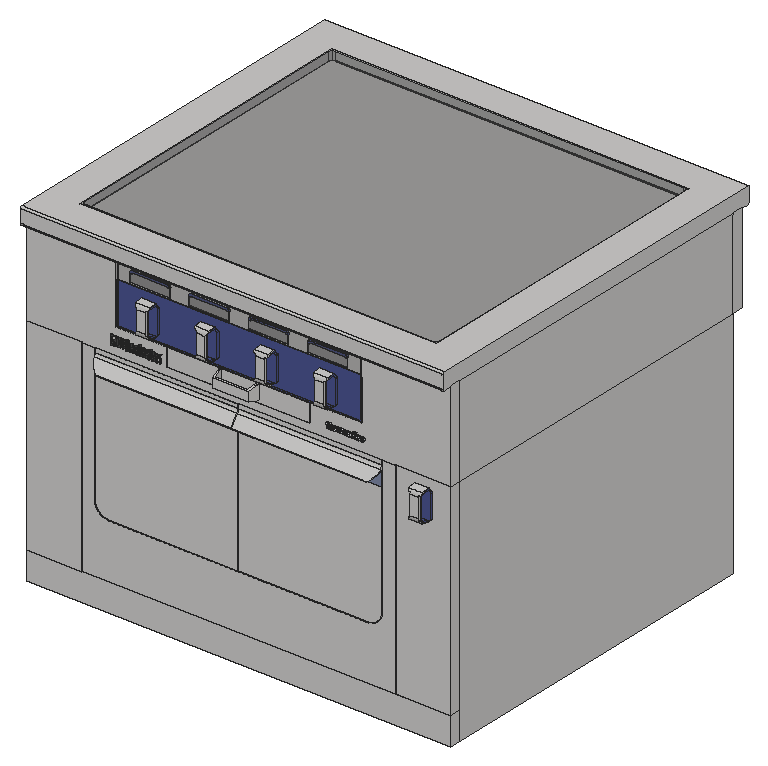
Revit family "QF_ELECTROLUXPROFESSIONAL_589709_MCTHFAJ4AO", category Attrezzature speciali, Revit 2020 (continued)
Definition of nested family "Front_Panel_W1000_Four Knobs"
  Definition of nested family "ELX_Professional_Logo_Small"
    Forms (mm)
      Extrusion 2, solid, material <- "Material_Logo"
        sketch origin (15.5, 0, 0) x (1, 0, 0) y (0, 1, 0)
          loop
            line (40.457, -0.243) -> (38.894, 1.942) -> (40.83, 4.579) -> (42.488, 6.837) -> (39.782, 6.837) -> (37.53, 3.719) -> (35.258, 6.837) -> (32.573, 6.837) -> (34.113, 4.731) -> (36.167, 1.922) -> (34.014, -1.076) -> (32.222, -3.573) -> (34.887, -3.573) -> (37.53, 0.104) -> (40.174, -3.573) -> (42.839, -3.573) -> (40.457, -0.243)
          loop
            line (-46.121, -5.837) -> (-48.039, -5.837) -> (-48.039, -10.814) -> (-47.016, -10.814) -> (-47.016, -9.128) -> (-46.121, -9.128)
            arc (-46.121, -9.128) -> (-44.476, -7.482) -> (-46.121, -5.837) r 1.645
          loop
            line (-46.163, -6.778) -> (-47.016, -6.778) -> (-47.016, -8.187) -> (-46.163, -8.187)
            arc (-46.163, -8.187) -> (-45.458, -7.482) -> (-46.163, -6.778) r 0.704
          loop
            line (-38.313, -5.837) -> (-40.265, -5.837) -> (-40.265, -10.814) -> (-39.241, -10.814) -> (-39.241, -9.1) -> (-38.46, -9.182) -> (-37.48, -10.814) -> (-36.318, -10.814) -> (-37.513, -8.848)
            arc (-37.513, -8.848) -> (-36.888, -8.266) -> (-36.671, -7.441) r 1.536
            arc (-36.671, -7.441) -> (-37.165, -6.305) -> (-38.313, -5.837) r 1.643
          loop
            arc (-38.402, -8.166) -> (-37.707, -7.505) -> (-38.334, -6.778) r 0.696
            line (-38.334, -6.778) -> (-39.241, -6.778) -> (-39.241, -8.166) -> (-38.402, -8.166)
          loop
            circle (-29.965, -8.325) r 2.585
          loop
            circle (-29.965, -8.325) r 1.64
          loop
            line (-23.1, -5.837) -> (-23.1, -10.814) -> (-22.076, -10.814) -> (-22.076, -8.768) -> (-20.204, -8.768) -> (-20.204, -7.828) -> (-22.076, -7.828) -> (-22.076, -6.778) -> (-20.024, -6.778) -> (-20.024, -5.837) -> (-23.1, -5.837)
          loop
            line (-15.802, -5.837) -> (-15.802, -9.2)
            arc (-15.802, -9.2) -> (-15.343, -10.34) -> (-14.209, -10.814) r 1.593
            line (-14.209, -10.814) -> (-12.602, -10.814) -> (-12.602, -10.027) -> (-14.004, -10.027)
            arc (-14.004, -10.027) -> (-14.552, -9.8) -> (-14.779, -9.252) r 0.775
            line (-14.779, -9.252) -> (-14.779, -8.424) -> (-12.789, -8.424) -> (-12.789, -7.642) -> (-14.779, -7.642) -> (-14.779, -6.778) -> (-12.651, -6.778) -> (-12.651, -5.837) -> (-15.802, -5.837)
          loop
            line (-5.909, -7.143) -> (-5.173, -6.638)
            arc (-5.173, -6.638) -> (-5.855, -5.974) -> (-6.781, -5.755) r 1.782
            arc (-6.781, -5.755) -> (-7.397, -5.878) -> (-7.944, -6.189) r 1.974
            arc (-7.944, -6.189) -> (-8.202, -6.5) -> (-8.317, -6.888) r 1.013
            arc (-8.317, -6.888) -> (-8.306, -7.341) -> (-8.192, -7.78) r 1.985
            arc (-8.192, -7.78) -> (-7.749, -8.259) -> (-7.171, -8.563) r 1.928
            arc (-7.171, -8.563) -> (-6.637, -8.779) -> (-6.131, -9.056) r 5.041
            arc (-6.131, -9.056) -> (-5.934, -9.387) -> (-6.09, -9.74) r 0.42
            arc (-6.09, -9.74) -> (-6.631, -9.96) -> (-7.204, -9.845) r 1.016
            arc (-7.204, -9.845) -> (-7.625, -9.603) -> (-7.889, -9.196) r 1.033
            line (-7.889, -9.196) -> (-8.67, -9.686)
            arc (-8.67, -9.686) -> (-8.361, -10.198) -> (-7.908, -10.589) r 1.914
            arc (-7.908, -10.589) -> (-7.334, -10.834) -> (-6.714, -10.896) r 2.063
            arc (-6.714, -10.896) -> (-5.947, -10.743) -> (-5.256, -10.376) r 2.696
            arc (-5.256, -10.376) -> (-4.95, -9.565) -> (-5.108, -8.712) r 1.618
            arc (-5.108, -8.712) -> (-5.448, -8.319) -> (-5.884, -8.035) r 1.876
            arc (-5.884, -8.035) -> (-6.434, -7.789) -> (-6.999, -7.577) r 9.883
            arc (-6.999, -7.577) -> (-7.325, -7.07) -> (-6.854, -6.694) r 0.45
            arc (-6.854, -6.694) -> (-6.329, -6.809) -> (-5.909, -7.143) r 1.197
          loop
            line (1.61, -7.143) -> (2.345, -6.638)
            arc (2.345, -6.638) -> (1.663, -5.974) -> (0.737, -5.755) r 1.782
            arc (0.737, -5.755) -> (0.121, -5.878) -> (-0.425, -6.189) r 1.974
            arc (-0.425, -6.189) -> (-0.683, -6.5) -> (-0.799, -6.888) r 1.013
            arc (-0.799, -6.888) -> (-0.788, -7.341) -> (-0.674, -7.78) r 1.985
            arc (-0.674, -7.78) -> (-0.231, -8.259) -> (0.347, -8.563) r 1.928
            arc (0.347, -8.563) -> (0.881, -8.779) -> (1.387, -9.056) r 5.041
            arc (1.387, -9.056) -> (1.584, -9.387) -> (1.428, -9.74) r 0.42
            arc (1.428, -9.74) -> (0.887, -9.96) -> (0.314, -9.845) r 1.016
            arc (0.314, -9.845) -> (-0.107, -9.603) -> (-0.371, -9.196) r 1.033
            line (-0.371, -9.196) -> (-1.152, -9.686)
            arc (-1.152, -9.686) -> (-0.842, -10.198) -> (-0.39, -10.589) r 1.914
            arc (-0.39, -10.589) -> (0.184, -10.834) -> (0.804, -10.896) r 2.063
            arc (0.804, -10.896) -> (1.572, -10.743) -> (2.263, -10.376) r 2.696
            arc (2.263, -10.376) -> (2.568, -9.565) -> (2.411, -8.712) r 1.618
            arc (2.411, -8.712) -> (2.07, -8.319) -> (1.635, -8.035) r 1.876
            arc (1.635, -8.035) -> (1.084, -7.789) -> (0.519, -7.577) r 9.883
            arc (0.519, -7.577) -> (0.193, -7.07) -> (0.665, -6.694) r 0.45
            arc (0.665, -6.694) -> (1.189, -6.809) -> (1.61, -7.143) r 1.197
          loop
            line (6.801, -5.837) -> (6.801, -10.814) -> (7.825, -10.814) -> (7.825, -5.837) -> (6.801, -5.837)
          loop
            circle (14.724, -8.325) r 1.548
          loop
            circle (14.724, -8.325) r 2.585
          loop
            line (21.59, -10.814) -> (22.623, -10.814) -> (22.623, -7.685) -> (24.9, -10.814) -> (25.895, -10.814) -> (25.895, -5.837) -> (24.861, -5.837) -> (24.861, -9.061) -> (22.585, -5.837) -> (21.59, -5.837) -> (21.59, -10.814)
          loop
            line (31.054, -10.814) -> (31.539, -9.74) -> (33.38, -9.74) -> (33.865, -10.814) -> (34.965, -10.814) -> (32.46, -5.837) -> (29.956, -10.814) -> (31.054, -10.814)
          loop
            line (32.46, -7.698) -> (31.999, -8.719) -> (32.921, -8.719) -> (32.46, -7.698)
          loop
            line (40.047, -9.873) -> (40.047, -5.837) -> (39.024, -5.837) -> (39.024, -10.814) -> (41.961, -10.814) -> (41.961, -9.873) -> (40.047, -9.873)
          loop
            line (-74.986, -10.814) -> (-53.322, -10.814) -> (-53.322, 10.82) -> (-74.986, 10.82) -> (-74.986, -10.814)
          loop
            line (-61.261, 9.758) -> (-61.261, -9.707)
            arc (-61.261, -9.707) -> (-54.066, 0.025) -> (-61.261, 9.758) r 10.18
          loop
            line (-62.251, 8.349) -> (-62.251, 9.758)
            arc (-62.251, 9.758) -> (-70.347, 7.918) -> (-74.247, 0.59) r 9.976
            line (-74.247, 0.59) -> (-71.026, 0.59)
            arc (-71.026, 0.59) -> (-65.274, 2.925) -> (-62.251, 8.349) r 9.351
          loop
            arc (-74.247, -0.539) -> (-70.353, -7.928) -> (-62.251, -9.957) r 10.237
            line (-62.251, -9.957) -> (-62.251, -8.298)
            arc (-62.251, -8.298) -> (-65.274, -2.874) -> (-71.026, -0.539) r 9.351
            line (-71.026, -0.539) -> (-74.247, -0.539)
        from 0 to 1.644
    Dimensions and locks
      aligned and locked: plane 2 to Extrusion 1
      aligned and locked: level to Extrusion 1
Definition of nested family "H450H2W1000_2DOOR"
  Parameters
    Width [instance] = 680 mm
    Wdoor [instance] = Width / 2  # 340 mm
    Show Clearance [instance] = yes
    Model = "727995"
    Height = 450 mm
    Default Elevation = 0 mm
  Reference planes
    plane 1 "Center (Front/Back)": y = 0
    plane 2: z = 0
    plane 3 "Center (Left/Right)": x = 36.042
    plane 4 "panel": z = 25
    plane 5: x = -303.958
    plane 6: x = 376.042
    plane 7: y = 450
    plane 8: z = 340
    plane 9: z = 45
  Forms (mm)
    Extrusion 1, solid
      sketch origin (0, -919.2, 0) x (1, 0, 0) y (0, 1, 0)
        loop
          line (-980.5, 2119.2) -> (-980.5, -162.846) -> (881.94, -162.846) -> (881.94, 2119.2) -> (-980.5, 2119.2)
      from 0 to -59.546
    Extrusion 2, solid
      sketch origin (0, 0, 0) x (1, 0, 0) y (0, 1, 0)
        loop
          line (374.042, 393) -> (37.042, 393) -> (37.042, 97) -> (344.042, 97)
          arc (344.042, 97) -> (365.255, 105.787) -> (374.042, 127) r 30
          line (374.042, 127) -> (374.042, 393)
        loop
          arc (-301.958, 127) -> (-293.171, 105.787) -> (-271.958, 97) r 30
          line (-271.958, 97) -> (35.042, 97) -> (35.042, 393) -> (-301.958, 393) -> (-301.958, 127)
      from 0 to 25
    Extrusion 3, solid
      sketch origin (0, 0, 0) x (1, 0, 0) y (0, 1, 0)
        loop
          line (-301.958, 393) -> (35.042, 393) -> (35.042, 440) -> (-301.958, 440) -> (-301.958, 393)
        loop
          line (37.042, 440) -> (37.042, 393) -> (374.042, 393) -> (374.042, 440) -> (37.042, 440)
      from 0 to 25
    Extrusion 4, solid
      sketch origin (5.581, 79.805, 0) x (1, 0, 0) y (0, 1, 0)
        loop
          line (-307.539, 360.195) -> (29.461, 360.195) -> (29.461, 370.195) -> (-307.539, 370.195) -> (-307.539, 360.195)
        loop
          line (31.461, 370.195) -> (31.461, 360.195) -> (368.461, 360.195) -> (368.461, 370.195) -> (31.461, 370.195)
      from 0 to 25
    Extrusion 5, solid
      sketch origin (36.042, 0, 0) x (0, 1, 0) y (0, 0, 1)
        loop
          line (426.693, 25) -> (440.02, 25)
          arc (440.02, 25) -> (435.261, 25.775) -> (430.993, 28.02) r 15
          line (430.993, 28.02) -> (406.653, 46.362) -> (403.644, 42.369) -> (426.693, 25)
      from 1 to 338
    Extrusion 6, solid
      sketch origin (36.042, 0, 0) x (0, 1, 0) y (0, 0, 1)
        loop
          line (426.693, 25) -> (440.02, 25)
          arc (440.02, 25) -> (435.261, 25.775) -> (430.993, 28.02) r 15
          line (430.993, 28.02) -> (406.653, 46.362) -> (403.644, 42.369) -> (426.693, 25)
      from -338 to -1
    Extrusion 7, void
      sketch origin (0, 0, 0) x (1, 0, 0) y (0, 1, 0)
        loop
          arc (374.042, 426.693) -> (364.508, 412.772) -> (350.317, 403.644) r 42.603
          line (350.317, 403.644) -> (374.042, 403.644) -> (374.042, 426.693)
      from 0 to 47.9
    Extrusion 8, void
      sketch origin (72.084, 0, 0) x (-1, 0, 0) y (0, -1, 0)
        loop
          line (374.042, -426.693) -> (374.042, -403.644) -> (350.317, -403.644)
          arc (350.317, -403.644) -> (364.508, -412.772) -> (374.042, -426.693) r 42.603
      from 0 to 47.9
    Extrusion 9, solid, detail levels coarse
      sketch origin (0, 0, 0) x (1, 0, 0) y (0, 0, 1)
        loop
          arc (36.231, 25) -> (-56.085, 247.873) -> (-278.958, 340.189) r 315.189
          line (-278.958, 340.189) -> (-278.958, 25) -> (36.231, 25)
      from -450 to -97
    Extrusion 10, solid, detail levels coarse
      sketch origin (0, 0, 0) x (1, 0, 0) y (0, 0, 1)
        loop
          arc (351.042, 340) -> (128.303, 247.739) -> (36.042, 25) r 315
          line (36.042, 25) -> (351.042, 25) -> (351.042, 340)
      from -450 to -97
  Cuts and joins
    Extrusion 8 cuts Extrusion 6
    Extrusion 7 cuts Extrusion 5
  Lines and regions (mm)
    symbolic lines
      curve 1: line (376.042, 0, 45) -> (376.042, 0, 340)
      curve 2: line (351.042, 0, 45) -> (351.042, 0, 340)
      curve 3: line (376.042, 0, 340) -> (351.042, 0, 340)
      curve 4: line (-303.958, 0, 45) -> (-303.958, 0, 340)
      curve 5: line (-278.958, 0, 45) -> (-278.958, 0, 340)
      curve 6: line (-303.958, 0, 340) -> (-278.958, 0, 340)
      curve 7: arc (351.042, 0, 340) -> (135.522, 0, 254.731) -> (36.683, 0, 45.088) r 315
      curve 8: arc (35.407, 0, 44.997) -> (-63.405, 0, 254.7) -> (-278.958, 0, 340) r 315
  Dimensions and locks
    plane 4 "panel" to level = 25 mm
    "Width": plane 5 to plane 6
    equal spacing: plane 5, plane 3 "Center (Left/Right)", plane 6
    "Height": plane 1 "Center (Front/Back)" to plane 7
    locked: plane 5 to Extrusion 2 sketch curve at 2
    locked: Extrusion 2 sketch curve to plane 6 at 2
    locked: plane 1 "Center (Front/Back)" to Extrusion 2 sketch curve at 97
    locked: plane 7 to Extrusion 2 sketch curve at 57
    locked: Extrusion 2 sketch curve to plane 3 "Center (Left/Right)" at 1
    locked: plane 3 "Center (Left/Right)" to Extrusion 2 sketch curve at 1
    Extrusion 3 sketch curve to Extrusion 2 = 47 mm
    "Wdoor": plane 8 to level
    locked: curve 2 to curve 1 at 25
    locked: curve 5 to curve 4 at 25
    plane 4 "panel" to plane 9 = 20 mm
    aligned and locked: plane 2 to Extrusion 1
    aligned and locked: level to Extrusion 1
    aligned and locked: plane 4 "panel" to Extrusion 2
    aligned and locked: Extrusion 2 to Extrusion 3 sketch curve
    aligned and locked: Extrusion 3 sketch curve to Extrusion 2  (x2)
    aligned and locked: Extrusion 3 sketch curve to Extrusion 3 sketch curve
    aligned and locked: plane 4 "panel" to Extrusion 3
    aligned and locked: Extrusion 4 sketch curve to Extrusion 4 sketch curve
    aligned and locked: Extrusion 4 sketch curve to Extrusion 3  (x3)
    aligned and locked: Extrusion 3 to Extrusion 4 sketch curve
    aligned and locked: Extrusion 4 sketch curve to plane 7
    aligned and locked: Extrusion 3 to Extrusion 5
    aligned and locked: Extrusion 5 to Extrusion 3
    aligned and locked: Extrusion 6 to Extrusion 3
    aligned and locked: Extrusion 3 to Extrusion 6
    aligned and locked: Extrusion 7 sketch curve to Extrusion 5
    aligned and locked: Extrusion 8 to Extrusion 6
    aligned and locked: Extrusion 4 to Extrusion 8
    aligned and locked: Extrusion 2 to Extrusion 7
    aligned and locked: Extrusion 7 to Extrusion 5
    aligned and locked: Extrusion 4 to Extrusion 3  (x2)
    aligned and locked: Extrusion 3 to Extrusion 2
    aligned and locked: Extrusion 4 to Extrusion 2
    aligned and locked: curve 3 to plane 8
    aligned and locked: curve 1 to plane 6
    aligned and locked: curve 4 to plane 5
    aligned and locked: Extrusion 9 sketch curve to plane 4 "panel"
    aligned and locked: Extrusion 10 sketch curve to curve 7
    aligned and locked: Extrusion 10 sketch curve to curve 2
    aligned and locked: Extrusion 2 to Extrusion 9
    aligned and locked: Extrusion 2 to Extrusion 10
    aligned and locked: plane 7 to Extrusion 9
    aligned and locked: Extrusion 3 to Extrusion 4
  Automatic sketch dimensions
    Extrusion 1 sketch curve to Extrusion 1 sketch curve = 1862.44 mm
    Extrusion 1 sketch curve to Extrusion 1 sketch curve = 2282.046 mm
    Extrusion 2 sketch curve to Extrusion 2 sketch curve = 30 mm  (x2)
    Extrusion 2 sketch curve to plane 1 "Center (Front/Back)" = 97 mm
    Extrusion 2 sketch curve to Extrusion 2 sketch curve = 0 mm
    Extrusion 3 sketch curve to plane 3 "Center (Left/Right)" = 1 mm
    plane 5 to Extrusion 3 sketch curve = 2 mm
    Extrusion 3 sketch curve to Extrusion 3 sketch curve = 0 mm
    Extrusion 5 sketch curve to plane 4 "panel" = 0 mm
    plane 4 "panel" to Extrusion 5 sketch curve = 17.369 mm
    Extrusion 5 sketch curve to plane 7 = 46.356 mm
    plane 4 "panel" to Extrusion 5 sketch curve = 21.362 mm
    Extrusion 5 sketch curve to Extrusion 5 sketch curve = 3.009 mm
    plane 4 "panel" to Extrusion 5 sketch curve = 3.02 mm
    Extrusion 5 sketch curve to Extrusion 5 sketch curve = 9.027 mm
    Extrusion 6 sketch curve to plane 4 "panel" = 0 mm
    plane 4 "panel" to Extrusion 6 sketch curve = 17.369 mm
    Extrusion 6 sketch curve to plane 7 = 46.356 mm
    plane 4 "panel" to Extrusion 6 sketch curve = 21.362 mm
    Extrusion 6 sketch curve to Extrusion 6 sketch curve = 3.009 mm
    plane 4 "panel" to Extrusion 6 sketch curve = 3.02 mm
    Extrusion 6 sketch curve to Extrusion 6 sketch curve = 9.027 mm
    Extrusion 7 sketch curve to Extrusion 7 sketch curve = 23.725 mm
    Extrusion 7 sketch curve to plane 7 = 6.671 mm
    Extrusion 7 sketch curve to plane 6 = 41.221 mm
    Extrusion 7 sketch curve to plane 7 = 23.307 mm
    plane 7 to Extrusion 8 sketch curve = 6.671 mm
    Extrusion 8 sketch curve to plane 5 = 41.221 mm
    Extrusion 8 sketch curve to plane 5 = 25.725 mm
    Extrusion 8 sketch curve to plane 5 = 2 mm
    plane 7 to Extrusion 8 sketch curve = 23.307 mm
    Extrusion 4 sketch curve to Extrusion 4 sketch curve = 10 mm
    Extrusion 4 sketch curve to plane 7 = 10 mm
    curve 2 to plane 9 = 0 mm
    curve 5 to plane 9 = 0 mm
    curve 4 to plane 9 = 0 mm
    curve 1 to plane 9 = 0 mm
    curve 8 to plane 4 "panel" = 0 mm
    curve 5 to plane 8 = 0 mm
    curve 8 to plane 9 = 0.003 mm
    curve 7 to plane 4 "panel" = 0 mm
    plane 9 to curve 7 = 0.088 mm
    plane 5 to Extrusion 9 sketch curve = 25 mm
    plane 3 "Center (Left/Right)" to Extrusion 9 sketch curve = 0.189 mm
Definition of nested family "Warm"
  Reference planes
    plane 1 "Center (Front/Back)": y = 0
    plane 2: z = 0
    plane 3 "Center (Left/Right)": x = 0
  Lines and regions (mm)
    detail lines, in view "Ref. Level"
      curve 1: circle (-165.742, 180.331, 0) r 45 normal (0, 0, 1)
      curve 2: line (-165.742, 125.331, 0) -> (-165.742, 80.331, 0)
      curve 3: line (-165.742, 235.331, 0) -> (-165.742, 280.331, 0)
      curve 4: line (-105.742, 180.331, 0) -> (-65.742, 180.331, 0)
      curve 5: line (-220.742, 180.331, 0) -> (-265.742, 180.331, 0)
      curve 6: line (-126.851, 141.44, 0) -> (-95.031, 109.62, 0)
      curve 7: line (-204.632, 219.221, 0) -> (-236.452, 251.041, 0)
      curve 8: line (-126.851, 219.221, 0) -> (-95.031, 251.041, 0)
      curve 9: line (-204.632, 141.44, 0) -> (-236.452, 109.62, 0)
